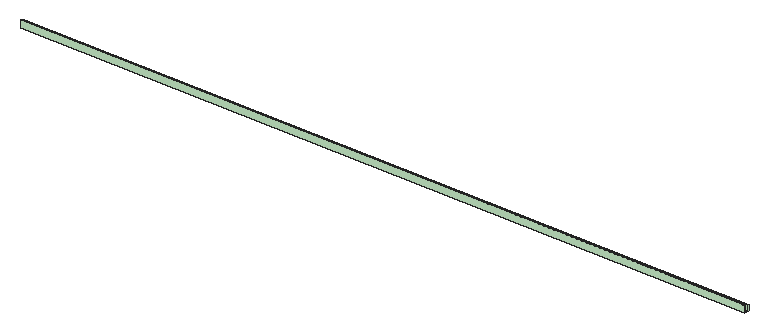
Revit family "SQ-ランナー20", category 機械設備, Revit 2020
Family settings
  丸型コネクタ寸法 = 直径を使用
  種別 = なし
  パーツ タイプ = 標準
  作業面ベース = いいえ
  常に垂直 = はい
  ロード時にボイドで切り取り = いいえ
  共有 = いいえ
  部屋計算ポイント = いいえ
Parameters
  製造元 = "株式会社桐井製作所"
  既定の高さ = 0 mm
  URL = "https://www.kirii.co.jp/"
  K_長さ(mm) [instance] = 4000 mm
  K_材質 = "SGCC　一般用"
  K_外形寸法(mm) = "22×40×30"
  K_品名 = "SQ-ランナー20"
  K_名称 = "角型スタッド用ランナー"
  K_バージョン情報 = "20210524"
  K_めっき付着量 = "Z08"
  K_JIS規格 = "JIS G 3302"
Reference planes
  plane 1 "中心(正面/背面)": y = 0
  plane 2: z = 0
  plane 3 "中心(左/右)": x = 0
  plane 4: x = 4000
  plane 5: y = 11
  plane 6: y = -11
Forms (mm)
  Extrusion 1, solid
    sketch origin (0, 0, 0) x (0, 1, 0) y (0, 0, 1)
      loop
        line (-11, 0) -> (11, 0) -> (11, 30) -> (10.2, 30) -> (10.2, 0.8) -> (-10.2, 0.8) -> (-10.2, 40) -> (-11, 40) -> (-11, 0)
    from 0 to 4000
Dimensions and locks
  "K_長さ(mm)": plane 3 "中心(左/右)" to plane 4
  aligned and locked: level to plane 2
  aligned and locked: plane 4 to Extrusion 1
  aligned and locked: Extrusion 1 to plane 4
Automatic sketch dimensions
  Extrusion 1 sketch curve to level = 0 mm
  Extrusion 1 sketch curve to plane 6 = 0 mm
  Extrusion 1 sketch curve to Extrusion 1 sketch curve = 0.8 mm  (x2)
  level to Extrusion 1 sketch curve = 0.8 mm
  Extrusion 1 sketch curve to Extrusion 1 sketch curve = 39.2 mm
  Extrusion 1 sketch curve to Extrusion 1 sketch curve = 29.2 mm
  Extrusion 1 sketch curve to plane 5 = 0 mm
